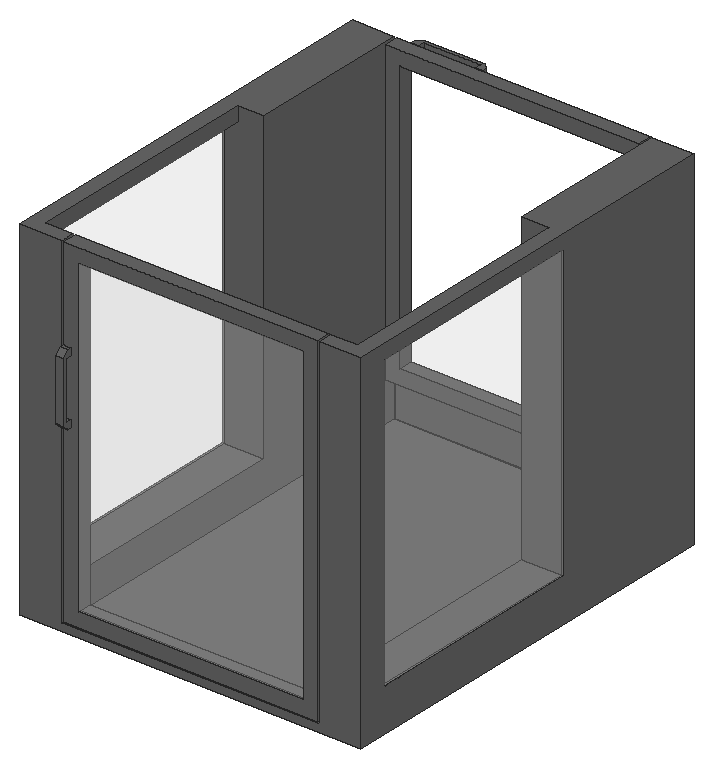
Revit family "Protege5442F-Permanent", category Specialty Equipment, Revit 2026
Family settings
  Round Connector Dimension = Use Diameter
  Part Type = Normal
  Classification Number = 23.50.05.14.17.11
  Work Plane-Based = No
  Enable Cutting in Views = No
  Always vertical = Yes
  Cut with Voids When Loaded = No
  Maintain Annotation Orientation = No
  Shared = No
  Room Calculation Point = No
Parameters
  Voltage_MEP = 120 V
  UpperGateStandardHanding [instance] = yes
  UpperGateOppositeHanding [instance] = not(UpperGateStandardHanding)  # no
  URL = "http://www.wheelchairlift.com/"
  Structure = Protege 5442 Powder Coat
  POWDER COATED SHEET METAL = Protege 5442 Powder Coat
  Opener_std [instance] = and(Opener_Lower, LowerGateStandardHanding)  # no
  Opener_opp [instance] = and(Opener_Lower, LowerGateOppositeHanding)  # no
  Opener_Lower [instance] = no
  Model = "Protege 5442P"
  Manufacturer = "Ascension, a division of AGM"
  MEP Apparent Power = 1560 VA
  LowerGateStandardHanding [instance] = yes
  LowerGateOppositeHanding [instance] = not(LowerGateStandardHanding)  # no
  Description = "Vertical platform lift for persons with disabilities"
  Default Elevation = 0' - 0"
  Assembly Code = "D1010310"
  ACRYLIC WINDOW = Protege 5442 Acrylic window
Reference planes (in)
  plane 1 "Center (Front/Back)": y = 0
  plane 2: z = 0
  plane 3 "Center (Left/Right)": x = 0
  plane 4: x = 25.8125
  plane 5: x = -25.8125
  plane 6: y = 31.625
Forms (in)
  Extrusion 1, solid, material "Protege 5442 Powder Coat" <- "POWDER COATED SHEET METAL"
    sketch origin (0, 0, 0) x (1, 0, 0) y (0, 1, 0)
      loop
        line (-23.8125, 29.125) -> (-23.8125, -29.125) -> (23.8125, -29.125) -> (23.8125, 29.125) -> (-23.8125, 29.125)
    from 0 to 49
  Extrusion 2, void
    sketch origin (0, 0, 49) x (0, 1, 0) y (1, 0, 0)
      loop
        line (29.125, -18.0625) -> (29.125, 18.0625) -> (-29.125, 18.0625) -> (-29.125, -18.0625) -> (29.125, -18.0625)
    from 0 to 48
  Extrusion 3, void
    sketch origin (23.8125, -29.06235, 0) x (0, -1, 0) y (0, 0, 1)
      loop
        line (-3.93589, 47) -> (-35.43589, 47) -> (-35.43589, 6) -> (-3.93589, 6) -> (-3.93589, 47)
    from 0 to 48
  Extrusion 4, void
    sketch origin (0, 0, 49) x (0, 1, 0) y (1, 0, 0)
      loop
        line (6.37354, -21.8125) -> (6.37354, 21.8125) -> (-27.125, 21.8125) -> (-27.125, -21.8125) -> (6.37354, -21.8125)
    from 0 to 43
  Extrusion 5, solid, material "Protege 5442 Powder Coat" <- "POWDER COATED SHEET METAL"
    sketch origin (-24.17414, -29.125, 0) x (1, 0, 0) y (0, 0, 1)
      loop
        line (6.48664, 49) -> (6.48664, 1.25) -> (41.98664, 1.25) -> (41.98664, 49) -> (6.48664, 49)
      loop
        line (39.98664, 47) -> (8.48664, 47) -> (8.48664, 3.25) -> (39.98664, 3.25) -> (39.98664, 47)
    from 0 to -2
  Extrusion 6, solid, material "Protege 5442 Powder Coat" <- "POWDER COATED SHEET METAL"
    sketch origin (-24.17414, 29.125, 0) x (1, 0, 0) y (0, 0, -1)
      loop
        line (6.48664, -49) -> (41.98664, -49) -> (41.98664, -7) -> (6.48664, -7) -> (6.48664, -49)
      loop
        line (39.98664, -47) -> (39.98664, -9) -> (8.48664, -9) -> (8.48664, -47) -> (39.98664, -47)
    from 0 to -2
  Extrusion 7, solid, material "Protege 5442 Powder Coat" <- "POWDER COATED SHEET METAL"
    sketch origin (22.82586, 29.125, 0) x (-1, 0, 0) y (0, 0, 1)
      loop
        line (5.01336, 6.75) -> (5.01336, 1.25) -> (40.51336, 1.25) -> (40.51336, 6.75) -> (5.01336, 6.75)
    from 0 to -0.125
  Extrusion 8, solid, material "Protege 5442 Acrylic window" <- "ACRYLIC WINDOW"
    sketch origin (-36.19252, -29.125, -23.75923) x (1, 0, 0) y (0, 0, 1)
      loop
        line (20.50502, 70.75923) -> (20.50502, 27.00923) -> (52.00502, 27.00923) -> (52.00502, 70.75923) -> (20.50502, 70.75923)
    from 0 to -0.25
  Extrusion 9, solid, material "Protege 5442 Acrylic window" <- "ACRYLIC WINDOW"
    sketch origin (23.8125, -31.06089, 0) x (0, 1, 0) y (0, 0, 1)
      loop
        line (5.93443, 47) -> (5.93443, 6) -> (37.43443, 6) -> (37.43443, 47) -> (5.93443, 47)
    from 0 to -0.25
  Extrusion 10, solid, material "Protege 5442 Acrylic window" <- "ACRYLIC WINDOW"
    sketch origin (-23.8125, 31.93911, 0) x (0, -1, 0) y (0, 0, 1)
      loop
        line (25.56557, 47) -> (25.56557, 6) -> (57.06557, 6) -> (57.06557, 47) -> (25.56557, 47)
    from 0 to -0.25
  Extrusion 11, solid, material "Protege 5442 Acrylic window" <- "ACRYLIC WINDOW", not visible
    sketch origin (-24.17414, 29.125, 0) x (1, 0, 0) y (0, 0, -1)
      loop
        line (39.98664, -47) -> (39.98664, -9) -> (8.48664, -9) -> (8.48664, -47) -> (39.98664, -47)
    from 0 to -0.25
  Extrusion 12, solid, material "Protege 5442 Powder Coat" <- "POWDER COATED SHEET METAL", visible <- "LowerGateStandardHanding", detail levels medium+fine
    sketch origin (-17.6875, -29.125, 49) x (0, 0, -1) y (0, -1, 0)
      loop
        line (13, 0) -> (14, 0) -> (14, 1) -> (22, 1) -> (22, 0) -> (23, 0) -> (23, 0.625) -> (22.25, 1.375) -> (13.75, 1.375) -> (13, 0.625) -> (13, 0)
    from 0 to -1
  Extrusion 13, solid, material "Protege 5442 Powder Coat" <- "POWDER COATED SHEET METAL", visible <- "UpperGateStandardHanding", detail levels medium+fine
    sketch origin (7.3125, 29.125, 48) x (0, 1, 0) y (1, 0, 0)
      loop
        line (0, -13) -> (0, -14) -> (1, -14) -> (1, -22) -> (0, -22) -> (0, -23) -> (0.625, -23) -> (1.375, -22.25) -> (1.375, -13.75) -> (0.625, -13) -> (0, -13)
    from 0 to -1
  Extrusion 14, solid, material "Protege 5442 Powder Coat" <- "POWDER COATED SHEET METAL", visible <- "LowerGateOppositeHanding", detail levels medium+fine
    sketch origin (17.6875, -29.125, 49) x (0, 0, -1) y (0, 1, 0)
      loop
        line (13, 0) -> (13, -0.625) -> (13.75, -1.375) -> (22.25, -1.375) -> (23, -0.625) -> (23, 0) -> (22, 0) -> (22, -1) -> (14, -1) -> (14, 0) -> (13, 0)
    from 0 to -1
  Extrusion 15, solid, material "Protege 5442 Powder Coat" <- "POWDER COATED SHEET METAL", visible <- "UpperGateOppositeHanding", detail levels medium+fine
    sketch origin (-7.3125, 29.125, 48) x (0, -1, 0) y (-1, 0, 0)
      loop
        line (0, -13) -> (-0.625, -13) -> (-1.375, -13.75) -> (-1.375, -22.25) -> (-0.625, -23) -> (0, -23) -> (0, -22) -> (-1, -22) -> (-1, -14) -> (0, -14) -> (0, -13)
    from 0 to -1
Cuts and joins
  Extrusion 2, Extrusion 3, Extrusion 4 cuts Extrusion 1
Text (in)
  text "Reference planes show minimum operating clearances.  Lift requires 2\" clearance on each side and 2 1/2\" clearance at the upper landing end." at (31.33078, 32.12093, 0), in view "Ref. Level"
  text "Where hand pump access is required, lift requires 12\" clearance on right side (as viewed standing outside lift at lower landing)." at (31.33078, -5.01824, 0), in view "Ref. Level"
  text "Lower Landing" at (-12.66133, -38.92339, 0), in view "Ref. Level"
  text "Upper Landing" at (-12.66133, 44.52987, 0), in view "Ref. Level"
Dimensions and locks (in)
  equal spacing: Extrusion 1 sketch curve, plane 3 "Center (Left/Right)", Extrusion 1 sketch curve
  equal spacing: Extrusion 1 sketch curve, plane 1 "Center (Front/Back)", Extrusion 1 sketch curve
  locked: Extrusion 1 sketch curve to Extrusion 1 sketch curve at 47.625
  Extrusion 2 sketch curve to Extrusion 1 = 0' - 5 3/4"
  Extrusion 1 to Extrusion 2 sketch curve = 0' - 5 3/4"
  Extrusion 3 sketch curve to cut or joined group of Extrusion 1, Extrusion 2, Extrusion 3, Extrusion 4 = 0' - 2"
  Extrusion 3 sketch curve to cut or joined group of Extrusion 1, Extrusion 2, Extrusion 3, Extrusion 4 = 0' - 3.99854"
  Extrusion 3 sketch curve to cut or joined group of Extrusion 1, Extrusion 2, Extrusion 3, Extrusion 4 = 0' - 6"
  Extrusion 3 sketch curve to Extrusion 3 sketch curve = 2' - 7 1/2"
  Extrusion 4 sketch curve to cut or joined group of Extrusion 1, Extrusion 2, Extrusion 3, Extrusion 4 = 0' - 2"  (x2)
  cut or joined group of Extrusion 1, Extrusion 2, Extrusion 3, Extrusion 4 to Extrusion 4 sketch curve = 0' - 2"
  Extrusion 4 sketch curve to Extrusion 4 sketch curve = 2' - 9.49854"
  locked: Extrusion 5 sketch curve to Extrusion 5 sketch curve at 35.5
  Extrusion 5 sketch curve to Extrusion 5 sketch curve = 3' - 11 3/4"
  Extrusion 5 sketch curve to Extrusion 5 sketch curve = 2' - 11 1/2"
  cut or joined group of Extrusion 1, Extrusion 2, Extrusion 3, Extrusion 4 to Extrusion 5 sketch curve = 0' - 0 1/4"
  locked: Extrusion 6 sketch curve to Extrusion 6 sketch curve at 35.5
  Extrusion 6 sketch curve to Extrusion 6 sketch curve = 3' - 6"
  Extrusion 6 sketch curve to Extrusion 6 sketch curve = 2' - 11 1/2"
  cut or joined group of Extrusion 1, Extrusion 2, Extrusion 3, Extrusion 4 to Extrusion 6 sketch curve = 0' - 6"
  Extrusion 7 sketch curve to Extrusion 6 = 0' - 0 1/4"
  cut or joined group of Extrusion 1, Extrusion 2, Extrusion 3, Extrusion 4 to Extrusion 12 sketch curve = 0' - 1 3/8"
  aligned and locked: level to plane 2
Nested families (in)
  nested 1: "20190823 gate operator" at (23.8125, -29.125, 47.75), visible <- "Opener_std", type "20190823 gate operator"
  nested 2: "20190823 gate operator" at (-23.6875, -29.125, 47.75) x (-1, 0, 0) z (0, 0, 1), visible <- "Opener_opp", type "20190823 gate operator"
Connectors (in)
  electrical at (20.8125, 29.12407, 0), driven by "Voltage_MEP", driven by "MEP Apparent Power"
    settings: index 3, voltage 120 V, apparent load 0 VA, apparent load phase1 1560 VA, apparent load phase2 0 VA, apparent load phase3 0 VA, power factor 1, load classification "Other", number of poles 1, system type 31, power factor state 1, is connector primary yes, connector utility no, sub classification motor no, connector description ""
Definition of nested family "20190823 gate operator"
  Parameters (values of type "20190823 gate operator")
    Structure = none
    Default Elevation = 0' - 0"
  Reference planes (in)
    plane 1 "Center (Front/Back)": y = 0
    plane 2: z = 0
    plane 3 "Center (Left/Right)": x = 0
  Forms (in)
    Extrusion 1, solid, material <- "Structure"
      sketch origin (0, -1.93589, -47.7) x (0, 1, 0) y (0, 0, 1)
        loop
          line (1.93589, 47.7) -> (-3.81411, 47.7) -> (-3.81411, 36.2) -> (1.93589, 36.2) -> (1.93589, 47.7)
      from -5.75 to 0
    Extrusion 2, solid, material <- "Structure"
      sketch origin (0, 0, 0) x (0, -1, 0) y (1, 0, 0)
        loop
          line (4.22354, -25.87371) -> (4.22354, -3.52452)
          arc (4.22354, -3.52452) -> (3.84854, -2.125) -> (3.47354, -3.52452) r 0.75
          line (3.47354, -3.52452) -> (3.47354, -25.12371) -> (0.72354, -25.12371) -> (0.72354, -25.87371) -> (3.47354, -25.87371) -> (4.22354, -25.87371)
      from 0 to 0.75
    Extrusion 3, solid, material <- "Structure"
      sketch origin (-23.8125, 29.12646, -46.98852) x (0, 1, 0) y (0, 0, -1)
        loop
          line (-29.125, -48.23852) -> (-29.125, -47.61352) -> (-30.375, -47.61352)
          arc (-30.375, -47.61352) -> (-30.6875, -47.92602) -> (-30.375, -48.23852) r 0.3125
          line (-30.375, -48.23852) -> (-29.125, -48.23852)
      from -15.6875 to 6.3125
  Dimensions and locks (in)
    aligned and locked: level to plane 2
